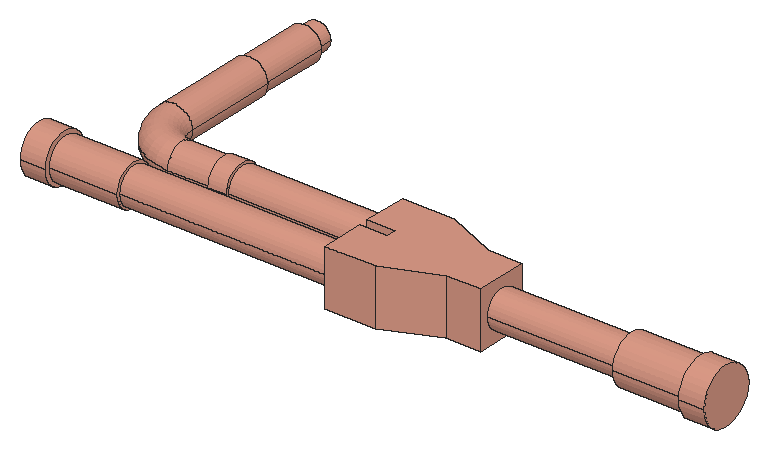
Revit family "outputfile", category 配管付属品, Revit 2024
Family settings
  丸型コネクタ寸法 = 半径を使用
  パーツ タイプ = 標準
  OmniClass 番号 = 23.65.55.00
  OmniClass タイトル = Distribution of Supplied Liquids/Gases
  作業面ベース = いいえ
  常に垂直 = はい
  ロード時にボイドで切り取り = いいえ
  共有 = いいえ
Parameters (values of type "BHFP26P136_(1)")
  Description = ""
  製造元 = "Daikin"
  書き出し IFC クラス(タイプ) = "IfcPipeFittingType"
  Default Elevation = 0.0 mm
  定義済み IFC タイプ(タイプ) = "JUNCTION"
  Cost = 0
  モデル = "BHFP26P136_(1)"
  Type Comments = ""
  Keynote = ""
  Type Image = (empty or 0)
  Assembly Code = ""
  table_PipeToCU_B [instance] = if(mm⇔inch, "Multi Module Kit_BHFP26P-_Liquid_PipeToCU_B", "Multi Module Kit_BHFP26P-_Liquid_PipeToCU_B_inch")  # "Multi Module Kit_BHFP26P-_Liquid_PipeToCU_B"
  table_PipeToCU_A [instance] = if(mm⇔inch, "Multi Module Kit_BHFP26P-_Liquid_PipeToCU_A", "Multi Module Kit_BHFP26P-_Liquid_PipeToCU_A_inch")  # "Multi Module Kit_BHFP26P-_Liquid_PipeToCU_A"
  table_ToMainPipe [instance] = if(mm⇔inch, "Multi Module Kit_BHFP26P-_Liquid_ToMainPipe", "Multi Module Kit_BHFP26P-_Liquid_ToMainPipe_inch")  # "Multi Module Kit_BHFP26P-_Liquid_ToMainPipe"
  switch_ToMainPipe3 [instance] = if(number_ToMainPipe < 3, 1 = 0, 1 = 1)  # no
  switch_PipeToCU_B Reducer [instance] = if(and(Is_PipeToCU_B Reducer = 1, judge_IsOffsetPipe_ToOutdoorUnitB = 0), 1 = 1, 1 = 0)  # no
  switch_PipeToCU_B4 [instance] = if(number_PipeToCU_B < 4, 1 = 0, 1 = 1)  # no
  switch_PipeToCU_B3 [instance] = if(number_PipeToCU_B < 3, 1 = 0, 1 = 1)  # no
  switch_PipeToCU_B2 [instance] = if(number_PipeToCU_B < 2, 1 = 0, 1 = 1)  # yes
  switch_PipeToCU_A Reducer [instance] = if(Is_PipeToCU_A Reducer = 1, 1 = 1, 1 = 0)  # yes
  switch_ToMainPipe Reducer [instance] = if(Is_ToMainPipe Reducer = 1, 1 = 1, 1 = 0)  # no
  switch_ToMainPipe2 [instance] = if(number_ToMainPipe < 2, 1 = 0, 1 = 1)  # yes
  r_PipeToCU_B_ActualDiameter [instance] = PipeToCU_B_Liquid_ActualDiameter / 2  # 9.55 mm
  r_PipeToCU_A_ActualDiameter [instance] = PipeToCU_A_Liquid_ActualDiameter / 2  # 4.75 mm
  r_ToMainPipe_ActualDiameter [instance] = ToMainPipe_Liquid_ActualDiameter / 2  # 11.1 mm
  number_PipeToCU_B ReducerPipe [instance] = size_lookup(table_PipeToCU_B, "reducerPipeNumber", 0, モデル, judge_IsOffsetPipe_ToOutdoorUnitB, PipeToCU_B_Liquid_ActualDiameter)  # 0
  number_PipeToCU_B [instance] = size_lookup(table_PipeToCU_B, "pipeNumber", 2, モデル, judge_IsOffsetPipe_ToOutdoorUnitB, PipeToCU_B_Liquid_ActualDiameter)  # 2
  number_PipeToCU_A ReducerPipe [instance] = size_lookup(table_PipeToCU_A, "reducerPipeNumber", 3, モデル, PipeToCU_A_Liquid_ActualDiameter)  # 3
  number_ToMainPipe [instance] = size_lookup(table_ToMainPipe, "pipeNumber", 3, モデル, ToMainPipe_Liquid_ActualDiameter)  # 2
  mm⇔inch [instance] = yes
  l_ToMainPipe3 [instance] = size_lookup(table_ToMainPipe, "L_Pipe3", 11.0 mm, モデル)  # 2.0 mm
  judge_IsOffsetPipe_ToOutdoorUnitB [instance] = 0  # constant formula
  Unit Type = "BHFP26P-_Liquid"
  Uniclass2015Version = "Products v1.31"
  Uniclass2015Title = "Copper pipe fittings"
  Uniclass2015Code = "Pr_65_52_63_18"
  URL = ""
  ToMainPipe_Liquid_Status [instance] = size_lookup(table_ToMainPipe, "Information", "The connected pipe size is not available.", モデル, ToMainPipe_Liquid_ActualDiameter)  # "Default connector size is used."
  ToMainPipe_Liquid_ActualDiameter [instance] = 22.2 mm
  Tag No. [instance] = ""
  Series = "Multi Module kit"
  RotateBranchPipetoCU_A_50° [instance] = no
  PipeToCU_B_Liquid_Status [instance] = size_lookup(table_PipeToCU_B, "Information", "The connected pipe size is not available.", モデル, judge_IsOffsetPipe_ToOutdoorUnitB, PipeToCU_B_Liquid_ActualDiameter)  # "Default connector size is used."
  PipeToCU_B_Liquid_ActualDiameter [instance] = 19.1 mm
  PipeToCU_A_Liquid_Status [instance] = size_lookup(table_PipeToCU_A, "Information", "The connected pipe size is not available.", モデル, PipeToCU_A_Liquid_ActualDiameter)  # "Reducer is used at connector."
  PipeToCU_A_Liquid_ActualDiameter [instance] = 9.5 mm
  Material_Piping = DAIKIN_Copper_Pipe
  Material_Insulation = DAIKIN_White_Insulation
  location_PipeToCU_A connector [instance] = size_lookup(table_PipeToCU_A, "Locationconnector", 107.0 mm, モデル, PipeToCU_A_Liquid_ActualDiameter)  # 107.0 mm
  l_PipeToCU_B connector [instance] = size_lookup(table_PipeToCU_B, "Length", 128.0 mm, モデル, judge_IsOffsetPipe_ToOutdoorUnitB, PipeToCU_B_Liquid_ActualDiameter)  # 132.0 mm
  l_PipeToCU_B Reducer [instance] = 100.0 mm  # constant formula
  l_PipeToCU_B4 [instance] = size_lookup(table_PipeToCU_B, "L_Pipe4", 2.0 mm, モデル)  # 2.0 mm
  l_PipeToCU_B3 [instance] = size_lookup(table_PipeToCU_B, "L_Pipe3", 2.0 mm, モデル)  # 2.0 mm
  l_PipeToCU_B2 [instance] = size_lookup(table_PipeToCU_B, "L_Pipe2", 7.0 mm, モデル)  # 11.0 mm
  l_PipeToCU_B1 [instance] = size_lookup(table_PipeToCU_B, "L_Pipe1", 30.0 mm, モデル)  # 30.0 mm
  l_PipeToCU_B0 [instance] = size_lookup(table_PipeToCU_B, "L_Pipe0", 91.0 mm, モデル)  # 91.0 mm
  l_PipeToCU_A connector [instance] = size_lookup(table_PipeToCU_A, "Length", 97.0 mm, モデル, PipeToCU_A_Liquid_ActualDiameter)  # 97.0 mm
  l_PipeToCU_A1 [instance] = size_lookup(table_PipeToCU_A, "L_Pipe1", 8.0 mm, モデル)  # 8.0 mm
  l_PipeToCU_A0 [instance] = size_lookup(table_PipeToCU_A, "L_Pipe0", 62.0 mm, モデル)  # 62.0 mm
  l_ToMainPipe connector [instance] = size_lookup(table_ToMainPipe, "Length", 128.0 mm, モデル, ToMainPipe_Liquid_ActualDiameter)  # 98.0 mm
  l_ToMainPipe Reducer [instance] = size_lookup(table_ToMainPipe, "L_Reducer", 2.0 mm, モデル, ToMainPipe_Liquid_ActualDiameter)  # 2.0 mm
  l_ToMainPipe2 [instance] = size_lookup(table_ToMainPipe, "L_Pipe2", 30.0 mm, モデル)  # 11.0 mm
  l_ToMainPipe1 [instance] = size_lookup(table_ToMainPipe, "L_Pipe1", 30.0 mm, モデル)  # 30.0 mm
  l_ToMainPipe0 [instance] = size_lookup(table_ToMainPipe, "L_Pipe0", 57.0 mm, モデル)  # 57.0 mm
  judge_JointType(1or2) = 1
  count_PipeToCU_B Reducer [instance] = 0  # constant formula
  count_PipeToCU_A Reducer [instance] = size_lookup(table_PipeToCU_A, "reducerCount", 1, モデル, PipeToCU_A_Liquid_ActualDiameter)  # 1
  angle_PipeToCU_A Pipe [instance] = if(RotateBranchPipetoCU_A_90°, 90.00°, if(RotateBranchPipetoCU_A_50°, 50.00°, 0.00°))  # 0.00°
  angle_PipeToCU_A Connector [instance] = angle_PipeToCU_A Pipe + 90.00°  # 90.00°
  PipeToCU_B_Liquid_AvailableDiameter [instance] = size_lookup(table_PipeToCU_B, "sizeVariation", "", モデル, judge_IsOffsetPipe_ToOutdoorUnitB)  # "15.9/19.1mm"
  PipeToCU_A_Liquid_AvailableDiameter [instance] = size_lookup(table_PipeToCU_A, "sizeVariation", "", モデル)  # "9.5/12.7/15.9mm"
  ToMainPipe_Liquid_AvailableDiameter [instance] = size_lookup(table_ToMainPipe, "sizeVariation", "", モデル)  # "19.1/22.2mm"
  RotateBranchPipetoCU_A_90° [instance] = no
  O.D_ToMainPipe Reducer [instance] = size_lookup(table_ToMainPipe, "O.D_reducer", 2.0 mm, モデル, ToMainPipe_Liquid_ActualDiameter)  # 2.0 mm
  Link_Nested Family [instance] = ""
  Is_PipeToCU_B Reducer [instance] = size_lookup(table_PipeToCU_B, "IsReducer", 0, モデル, judge_IsOffsetPipe_ToOutdoorUnitB, PipeToCU_B_Liquid_ActualDiameter)  # 0
  Is_PipeToCU_A Reducer [instance] = size_lookup(table_PipeToCU_A, "IsReducer", 1, モデル, PipeToCU_A_Liquid_ActualDiameter)  # 1
  Is_ToMainPipe Reducer [instance] = size_lookup(table_ToMainPipe, "IsReducer", 0, モデル, ToMainPipe_Liquid_ActualDiameter)  # 0
  IfcVersion = ""
  IfcExportType = "JUNCTION"
  IfcExportAs = "IfcPipeFittingType"
  I.D_ToMainPipe3 [instance] = size_lookup(table_ToMainPipe, "I.D_PipeSize3", 22.2 mm, モデル)  # 2.0 mm
  Attach_Insulation [instance] = no
  I.D_PipeToCU_B4 [instance] = size_lookup(table_PipeToCU_B, "I.D_PipeSize4", 2.0 mm, モデル)  # 2.0 mm
  I.D_PipeToCU_B3 [instance] = size_lookup(table_PipeToCU_B, "I.D_PipeSize3", 2.0 mm, モデル)  # 2.0 mm
  I.D_PipeToCU_B2 [instance] = size_lookup(table_PipeToCU_B, "I.D_PipeSize2", 9.5 mm, モデル)  # 19.1 mm
  I.D_PipeToCU_B1 [instance] = size_lookup(table_PipeToCU_B, "I.D_PipeSize1", 12.7 mm, モデル)  # 15.9 mm
  I.D_PipeToCU_B0 [instance] = size_lookup(table_PipeToCU_B, "I.D_PipeSize0", 13.9 mm, モデル)  # 13.9 mm
  I.D_PipeToCU_A1 [instance] = 15.5 mm  # constant formula
  I.D_PipeToCU_A0 [instance] = 13.9 mm  # constant formula
  I.D_ToMainPipe Reducer [instance] = size_lookup(table_ToMainPipe, "I.D_reducer", 2.0 mm, モデル, ToMainPipe_Liquid_ActualDiameter)  # 2.0 mm
  I.D_ToMainPipe2 [instance] = size_lookup(table_ToMainPipe, "I.D_PipeSize2", 19.1 mm, モデル)  # 22.2 mm
  I.D_ToMainPipe1 [instance] = size_lookup(table_ToMainPipe, "I.D_PipeSize1", 15.9 mm, モデル)  # 19.1 mm
  I.D_ToMainPipe0 [instance] = size_lookup(table_ToMainPipe, "I.D_PipeSize0", 13.9 mm, モデル)  # 13.9 mm
Reference planes
  plane 1 "Center (Front/Back)": y = 0
  plane 2: z = 0
  plane 3 "pipe2": x = 225.65
  plane 4: x = 214.65
  plane 5: x = 184.65
  plane 6: x = 127.65
  plane 7: x = 67.65
  plane 8: x = -2.35
  plane 9: x = -23.35
  plane 10: x = -53.35
  plane 11: x = -64.35
  plane 12: x = -66.35
  plane 13: x = -68.35
  plane 14 "offset_center": y = 11.5
  plane 15: y = -11.5
  plane 16: x = 5.65
  plane 17: x = 177.65
  plane 18 "ToMainPipe_connector": x = 225.65
  plane 19 "connector_OutdoorunitA": x = -39.35
  plane 20 "connector_ToOutdoorUnitB": x = -104.35
  plane 21 "pipe3": x = 227.65
Forms (mm)
  Extrusion 1, solid, material "DAIKIN_Copper_Pipe" <- "Material_Piping"
    sketch origin (0, 0, 0) x (1, 0, 0) y (0, 1, 0)
      loop
        line (67.65, 1.998) -> (79.65, 1.998) -> (79.65, -1.998) -> (67.65, -1.998) -> (67.65, -21.2) -> (89.801, -21.2) -> (112.65, -11.3) -> (127.65, -11.3) -> (127.65, 11.3) -> (112.65, 11.3) -> (89.801, 21.2) -> (67.65, 21.2) -> (67.65, 1.998)
    from -12.2 to 12.2
Dimensions and locks
  locked: plane 6 to plane 17 at 50
  "l_PipeToCU_A1": plane 8 to plane 16
  "l_PipeToCU_B1": plane 10 to plane 9
  "l_PipeToCU_B2": plane 11 to plane 10
  "l_PipeToCU_B3": plane 12 to plane 11
  "l_PipeToCU_B4": plane 13 to plane 12
  locked: plane 7 to plane 6 at 60
  "l_ToMainPipe1": plane 5 to plane 4
  "l_ToMainPipe2": plane 4 to plane 3 "pipe2"
  "l_ToMainPipe0": plane 6 to plane 5
  "l_ToMainPipe connector": plane 6 to plane 18 "ToMainPipe_connector"
  plane 14 "offset_center" to plane 1 "Center (Front/Back)" to plane 15 = 11.5 mm locked, 11.5 mm locked
  locked: plane 1 "Center (Front/Back)" to Extrusion 1 sketch curve at 11.3  (x2)
  locked: Extrusion 1 sketch curve to plane 1 "Center (Front/Back)" at 21.2
  locked: plane 1 "Center (Front/Back)" to Extrusion 1 sketch curve at 21.2
  "l_PipeToCU_A0": plane 16 to plane 7
  "location_PipeToCU_A connector": plane 19 "connector_OutdoorunitA" to plane 7
  "l_PipeToCU_B0": plane 9 to plane 7
  "l_ToMainPipe3": plane 3 "pipe2" to plane 21 "pipe3"
  aligned and locked: level to plane 2
  aligned and locked: plane 2 to nested 1
  aligned and locked: plane 1 "Center (Front/Back)" to nested 1
  aligned and locked: plane 3 "pipe2" to nested 1
  aligned and locked: plane 4 to nested 1
  aligned and locked: plane 4 to nested 2
  aligned and locked: plane 5 to nested 2
  aligned and locked: plane 5 to nested 3
  aligned and locked: plane 6 to nested 3
  aligned and locked: plane 6 to Extrusion 1
  aligned and locked: Extrusion 1 to plane 7  (x2)
  aligned and locked: plane 7 to nested 4
  aligned and locked: plane 8 to nested 5
  aligned and locked: plane 16 to nested 5
  aligned and locked: nested 5 to plane 14 "offset_center"
  aligned and locked: nested 6 to plane 15
  aligned and locked: plane 7 to nested 6
  aligned and locked: plane 9 to nested 6
  aligned and locked: plane 10 to nested 7
  aligned and locked: plane 9 to nested 7
  aligned and locked: plane 11 to nested 8
  aligned and locked: plane 10 to nested 8
  aligned and locked: plane 12 to nested 9
  aligned and locked: plane 11 to nested 9
  aligned and locked: plane 13 to nested 10
  aligned and locked: plane 12 to nested 10
  aligned and locked: nested 10 to plane 15
  aligned and locked: nested 9 to plane 15
  aligned and locked: nested 8 to plane 15
  aligned and locked: nested 7 to plane 15
  aligned and locked: plane 1 "Center (Front/Back)" to nested 11
  aligned and locked: plane 17 to nested 11
  aligned and locked: plane 16 to nested 4
  aligned and locked: nested 12 to plane 14 "offset_center"
  aligned and locked: plane 8 to nested 12
  aligned and locked: plane 1 "Center (Front/Back)" to nested 13
  aligned and locked: plane 18 "ToMainPipe_connector" to nested 13
  aligned and locked: plane 6 to nested 14
  aligned and locked: plane 1 "Center (Front/Back)" to nested 3
  aligned and locked: plane 14 "offset_center" to nested 15
  aligned and locked: nested 15 to plane 19 "connector_OutdoorunitA"
  aligned and locked: nested 16 to plane 7
  aligned and locked: nested 4 to plane 14 "offset_center"
  aligned and locked: plane 3 "pipe2" to nested 17
  aligned and locked: plane 21 "pipe3" to nested 17
  aligned and locked: nested 16 to plane 15
Automatic sketch dimensions
  Extrusion 1 sketch curve to plane 7 = 0.0 mm  (x2)
  Extrusion 1 sketch curve to plane 6 = 0.0 mm
  Extrusion 1 sketch curve to plane 1 "Center (Front/Back)" = 1.998 mm
  plane 7 to Extrusion 1 sketch curve = 12.0 mm
  Extrusion 1 sketch curve to Extrusion 1 sketch curve = 10.151 mm  (x2)
  Extrusion 1 sketch curve to Extrusion 1 sketch curve = 15.0 mm  (x2)
  plane 1 "Center (Front/Back)" to Extrusion 1 sketch curve = 1.998 mm
Nested families
  nested 1: "daikin_Pipe" at (220.15, 0, 0), I.D_Pipe <- "I.D_ToMainPipe2", display <- "switch_ToMainPipe2", type "*"
    with length_Pipe 11.0 mm, display yes, O.D_Pipe 24.2 mm, I.D_Pipe 22.2 mm
  nested 2: "daikin_Pipe" at (199.65, 0, 0), I.D_Pipe <- "I.D_ToMainPipe1", type "*"
    with length_Pipe 30.0 mm, display yes, O.D_Pipe 21.1 mm, I.D_Pipe 19.1 mm
  nested 3: "daikin_Pipe" at (156.15, 0, 0), I.D_Pipe <- "I.D_ToMainPipe0", type "*"
    with length_Pipe 57.0 mm, display yes, O.D_Pipe 15.9 mm, I.D_Pipe 13.9 mm
  nested 4: "daikin_Pipe" at (36.65, 11.5, 0), I.D_Pipe <- "I.D_PipeToCU_A0", type "*"
    with length_Pipe 62.0 mm, display yes, O.D_Pipe 15.9 mm, I.D_Pipe 13.9 mm
  nested 5: "daikin_Pipe" at (1.65, 11.5, 0), I.D_Pipe <- "I.D_PipeToCU_A1", type "*"
    with length_Pipe 8.0 mm, display yes, O.D_Pipe 17.5 mm, I.D_Pipe 15.5 mm
  nested 6: "daikin_Pipe" at (22.15, -11.5, 0), I.D_Pipe <- "I.D_PipeToCU_B0", type "*"
    with length_Pipe 91.0 mm, display yes, O.D_Pipe 15.9 mm, I.D_Pipe 13.9 mm
  nested 7: "daikin_Pipe" at (-38.35, -11.5, 0), I.D_Pipe <- "I.D_PipeToCU_B1", type "*"
    with length_Pipe 30.0 mm, display yes, O.D_Pipe 17.9 mm, I.D_Pipe 15.9 mm
  nested 8: "daikin_Pipe" at (-58.85, -11.5, 0), I.D_Pipe <- "I.D_PipeToCU_B2", display <- "switch_PipeToCU_B2", type "*"
    with length_Pipe 11.0 mm, display yes, O.D_Pipe 21.1 mm, I.D_Pipe 19.1 mm
  nested 9: "daikin_Pipe" at (-65.35, -11.5, 0), display <- "switch_PipeToCU_B3", I.D_Pipe <- "I.D_PipeToCU_B3", visible <- "switch_PipeToCU_B3", type "*"
    with length_Pipe 2.0 mm, display no, O.D_Pipe 4.0 mm, I.D_Pipe 2.0 mm
  nested 10: "daikin_Pipe" at (-67.35, -11.5, 0), display <- "switch_PipeToCU_B4", I.D_Pipe <- "I.D_PipeToCU_B4", visible <- "switch_PipeToCU_B4", type "*"
    with length_Pipe 2.0 mm, display no, O.D_Pipe 4.0 mm, I.D_Pipe 2.0 mm
  nested 11: "daikin_MultiModeluKit_Insulation" at (177.65, 0, 0), display <- "Attach_Insulation", type "*"
    with h 54.2 mm, display no, I.D_Outlet PipeSize 22.2 mm
  nested 12: "daikin_Multi Module kit_Reducer90_rotate" at (-2.35, 11.5, 0), number_reducerPipe <- "number_PipeToCU_A ReducerPipe", angle_Pipe <- "angle_PipeToCU_A Pipe", type "*"
    with number_reducerPipe 3, display_Pipe2 yes, display_Pipe1 yes, angle_Pipe 0.00°
  nested 13: "daikin_Pipe_reducer" at (224.65, 0, 0), I.D_Pipe1 <- "I.D_ToMainPipe Reducer", O.D_Pipe2 <- "O.D_ToMainPipe Reducer", length_Pipe <- "l_ToMainPipe Reducer", display <- "switch_ToMainPipe Reducer", type "*"
    with length_Pipe 2.0 mm, display no, O.D_Pipe2 2.0 mm, O.D_Pipe1 4.0 mm, I.D_Pipe2 0.0 mm, I.D_Pipe1 2.0 mm
  nested 14: "daikin_connector_rotate3" at (127.65, 0, 0) x (0, 1, 0) z (0, 0, 1), length <- "l_ToMainPipe connector", type "daikin_connector_rotate3"
    with radius 10.0 mm, length 98.0 mm, angle_vertical 90.00°, angle_horizontal 0.00°
  nested 15: "daikin_connector_rotate3" at (-39.35, 11.5, 0) x (-1, 0, 0) z (0, 0, 1), length <- "l_PipeToCU_A connector", angle_vertical <- "angle_PipeToCU_A Connector", type "daikin_connector_rotate3"
    with radius 10.0 mm, length 97.0 mm, angle_vertical 90.00°, angle_horizontal 0.00°
  nested 16: "daikin_connector_rotate3" at (67.65, -11.5, 0) x (0, -1, 0) z (0, 0, 1), length <- "l_PipeToCU_B connector", type "daikin_connector_rotate3"
    with radius 10.0 mm, length 132.0 mm, angle_vertical 90.00°, angle_horizontal 0.00°
  nested 17: "daikin_Pipe" at (226.65, 0, 0), display <- "switch_ToMainPipe3", I.D_Pipe <- "I.D_ToMainPipe3", type "*"
    with length_Pipe 2.0 mm, display no, O.D_Pipe 4.0 mm, I.D_Pipe 2.0 mm
Connectors
  piping at (225.65, 0, 0), diameter 22.2, driven by "r_ToMainPipe_ActualDiameter"
    settings: on nested 14, index 1, connector inside diameter 609.6 mm, connector length 0.0 mm, flow factor 0, pipe flow 0.00 m³/h, pressure drop 0.0 Pa, fitting loss kfactor 0, connector angle 0.00°, fixture units 0, engagement length 0.0 mm, angle of deflection 0.00°, flow configuration 0, flow direction 2, fitting loss method 0, system type 29, joint type 0, gender type 0, connector reference index -1, connector utility 0, adjustable connector no, is connector primary yes, connector description "Multi Module kit_to Main Pipe_Liquid"
  piping at (-39.35, 108.5, 0), diameter 9.5, driven by "r_PipeToCU_A_ActualDiameter"
    settings: on nested 15, index 2, connector inside diameter 609.6 mm, connector length 0.0 mm, flow factor 0, pipe flow 0.00 m³/h, pressure drop 0.0 Pa, fitting loss kfactor 0, connector angle 0.00°, fixture units 0, engagement length 0.0 mm, angle of deflection 0.00°, flow configuration 0, flow direction 1, fitting loss method 0, system type 29, joint type 0, gender type 0, connector reference index -1, connector utility 0, adjustable connector no, is connector primary no, connector description "Multi Module kit_Piping to CU-A_Liquid"
  piping at (-64.35, -11.5, 0), diameter 19.1, driven by "r_PipeToCU_B_ActualDiameter"
    settings: on nested 16, index 3, connector inside diameter 609.6 mm, connector length 0.0 mm, flow factor 0, pipe flow 0.00 m³/h, pressure drop 0.0 Pa, fitting loss kfactor 0, connector angle 0.00°, fixture units 0, engagement length 0.0 mm, angle of deflection 0.00°, flow configuration 0, flow direction 1, fitting loss method 0, system type 29, joint type 0, gender type 0, connector reference index -1, connector utility 0, adjustable connector no, is connector primary no, connector description "Multi Module kit_Piping to CU-B_Liquid"
Definition of nested family "daikin_Pipe"
  Parameters (values of type "*")
    Default Elevation = 0.0 mm
    material = none
    length_Pipe [instance] = 150.0 mm
    display [instance] = yes
    O.D_Pipe [instance] = I.D_Pipe + 2.0 mm  # 27.0 mm
    I.D_Pipe [instance] = 25.0 mm
  Reference planes
    plane 1 "Center (Front/Back)": y = 0
    plane 2 "center(vertical)": z = 0
    plane 3 "Center (Left/Right)": x = 0
    plane 4 "left": x = -75
    plane 5 "right": x = 75
  Forms (mm)
    Extrusion 1, solid, material <- "material", visible <- "display"
      sketch origin (0, 0, 0) x (0, 1, 0) y (0, 0, 1)
        loop
          circle (0, 0) r 13.5
      from -75 to 75
  Dimensions and locks
    equal spacing: plane 4 "left", plane 3 "Center (Left/Right)", plane 5 "right"
    "length_Pipe": plane 4 "left" to plane 5 "right"
    "O.D_Pipe": diameter of Extrusion 1 sketch curve
    aligned and locked: level to plane 2 "center(vertical)"
    aligned and locked: plane 2 "center(vertical)" to Extrusion 1 sketch curve
    aligned and locked: plane 1 "Center (Front/Back)" to Extrusion 1 sketch curve
    aligned and locked: plane 5 "right" to Extrusion 1
    aligned and locked: Extrusion 1 to plane 4 "left"
Definition of nested family "daikin_Multi Module kit_Reducer90_rotate"
  Parameters (values of type "*")
    Default Elevation = 0.0 mm
    number_reducerPipe [instance] = 4
    material_Pipe = none
    display_Pipe2 [instance] = if(number_reducerPipe < 3, 1 = 0, 1 = 1)  # yes
    display_Pipe1 [instance] = if(number_reducerPipe < 2, 1 = 0, 1 = 1)  # yes
    angle_Pipe [instance] = 30.00°
  Reference planes
    plane 1 "Center (Front/Back)": y = 0
    plane 2: z = 0
    plane 3 "Center (Left/Right)": x = 0
  Dimensions and locks
    "angle_Pipe": angle plane 2 to nested 1
    aligned and locked: level to plane 2
  Nested families
    nested 1: "daikin_Multi Module kit_Reducer90" at (0, 0, 0) x (1, 0, 0) z (0, -0.5, 0.866), display_Pipe2 <- "display_Pipe2", display_Pipe1 <- "display_Pipe1", type "*"
      with display_Pipe2 yes, display_Pipe1 yes, I.D_connector 34.9 mm
  Definition of nested family "daikin_Multi Module kit_Reducer90"
    Parameters (values of type "*")
      Default Elevation = 0.0 mm
      material_Pipe = none
      display_Pipe2 [instance] = yes
      display_Pipe1 [instance] = yes
      O.D_Pipe2 = 9.5 mm + 2.0 mm  # 11.5 mm
      O.D_Pipe1 = 12.7 mm + 2.0 mm  # 14.7 mm
      O.D_Pipe0 = 15.9 mm  # constant formula
      I.D_connector [instance] = 0.0 mm
    Reference planes
      plane 1 "Center (Front/Back)": y = 0
      plane 2 "center_vertical": z = 0
      plane 3 "Center (Left/Right)": x = 0
      plane 4 "center_toOutdoor": x = -37
      plane 5: y = 60
      plane 6: y = 90
      plane 7: y = 97
    Forms (mm)
      Sweep 1, solid, material <- "material_Pipe"
        path origin (0, 0, 0) x (1, 0, 0) y (0, 1, 0)
          loop
            line (0, 0) -> (-18.241, 0)
            arc (-18.241, 0) -> (-31.506, 5.494) -> (-37, 18.759) r 18.759
            line (-37, 18.759) -> (-37, 60)
        profile origin (-9.12, 0, 0) x (0, -1, 0) y (0, 0, 1)
          loop
            circle (0, 0) r 7.95
      Extrusion 2, solid, material <- "material_Pipe", visible <- "display_Pipe1"
        sketch origin (0, 0, 0) x (1, 0, 0) y (0, 0, 1)
          loop
            circle (-37, 0) r 7.35
        from -90 to -60
      Extrusion 3, solid, material <- "material_Pipe", visible <- "display_Pipe2"
        sketch origin (75, -2.05, 0) x (1, 0, 0) y (0, 0, 1)
          loop
            circle (-112, 0) r 5.75
        from -99.05 to -92.05
    Lines and regions (mm)
      reference lines
        curve 1: line (0, 0, 0) -> (-37, 0, 0)
    Dimensions and locks
      plane 1 "Center (Front/Back)" to plane 5 = 60.0 mm
      plane 6 to plane 5 = 30.0 mm
      plane 7 to plane 6 = 7.0 mm
      plane 4 "center_toOutdoor" to plane 3 "Center (Left/Right)" = 37.0 mm
      "O.D_Pipe2": diameter of Extrusion 3 sketch curve
      "O.D_Pipe0": diameter of Sweep 1 sketch curve
      "O.D_Pipe1": diameter of Extrusion 2 sketch curve
      aligned and locked: level to plane 2 "center_vertical"
      aligned and locked: plane 6 to Extrusion 2
      aligned and locked: Extrusion 2 to plane 5
      aligned and locked: Extrusion 3 to plane 6
      aligned and locked: Sweep 1 sketch curve to plane 1 "Center (Front/Back)"
      aligned and locked: plane 3 "Center (Left/Right)" to curve 1
      aligned and locked: curve 1 to plane 1 "Center (Front/Back)"
      aligned and locked: plane 7 to Extrusion 3
    Automatic sketch dimensions
      Sweep 1 sketch curve to plane 4 "center_toOutdoor" = 0.0 mm
      Sweep 1 sketch curve to plane 3 "Center (Left/Right)" = 0.0 mm
      Sweep 1 sketch curve to plane 5 = 0.0 mm
      Sweep 1 sketch curve to plane 3 "Center (Left/Right)" = 18.241 mm
      curve 1 to plane 4 "center_toOutdoor" = 0.0 mm
      Sweep 1 sketch curve to level = 0.0 mm
      Sweep 1 sketch curve to profile plane = 0.0 mm
      Extrusion 2 sketch curve to level = 0.0 mm
      Extrusion 2 sketch curve to plane 4 "center_toOutdoor" = 0.0 mm
      Extrusion 3 sketch curve to level = 0.0 mm
      Extrusion 3 sketch curve to plane 4 "center_toOutdoor" = 0.0 mm
Definition of nested family "daikin_MultiModeluKit_Insulation"
  Parameters (values of type "*")
    Default Elevation = 0.0 mm
    Model = ""
    material = none
    h [instance] = (I.D_Outlet PipeSize + 2.0 mm) + 30.0 mm  # 47.0 mm
    display [instance] = yes
    I.D_Outlet PipeSize [instance] = 15.0 mm
  Reference planes
    plane 1 "Center (Front/Back)": y = 0
    plane 2: z = 0
    plane 3 "Left": x = 0
    plane 4 "top": z = 23.5
    plane 5 "bottom": z = -23.5
  Forms (mm)
    Extrusion 1, solid, material <- "material", visible <- "display"
      sketch origin (0, 0, 0) x (1, 0, 0) y (0, 1, 0)
        loop
          line (0, -22.3) -> (0, 22.3) -> (-101, 45.79) -> (-187, 45.79) -> (-187, 6.128) -> (-257, 10) -> (-257, -45.79) -> (-101, -45.79) -> (0, -22.3)
      from -23.5 to 23.5
  Dimensions and locks
    equal spacing: plane 4 "top", plane 2, plane 5 "bottom"
    "h": plane 4 "top" to plane 5 "bottom"
    equal spacing: Extrusion 1 sketch curve, plane 1 "Center (Front/Back)", Extrusion 1 sketch curve
    locked: Extrusion 1 sketch curve to plane 3 "Left" at 101  (x2)
    locked: Extrusion 1 sketch curve to plane 3 "Left" at 187
    locked: Extrusion 1 sketch curve to plane 3 "Left" at 257
    aligned and locked: level to plane 2
    aligned and locked: plane 3 "Left" to Extrusion 1
    aligned and locked: Extrusion 1 to plane 5 "bottom"
    aligned and locked: plane 4 "top" to Extrusion 1
  Automatic sketch dimensions
    Extrusion 1 sketch curve to plane 3 "Left" = 0.0 mm
    plane 1 "Center (Front/Back)" to Extrusion 1 sketch curve = 45.79 mm
    plane 1 "Center (Front/Back)" to Extrusion 1 sketch curve = 22.3 mm
    Extrusion 1 sketch curve to plane 1 "Center (Front/Back)" = 45.79 mm
    Extrusion 1 sketch curve to plane 1 "Center (Front/Back)" = 10.0 mm
    Extrusion 1 sketch curve to plane 1 "Center (Front/Back)" = 6.128 mm
Definition of nested family "daikin_Pipe_reducer"
  Parameters (values of type "*")
    Default Elevation = 0.0 mm
    material = none
    length_Pipe [instance] = 250.0 mm
    display [instance] = yes
    O.D_Pipe2 [instance] = 19.1 mm
    O.D_Pipe1 [instance] = I.D_Pipe1 + 2.0 mm  # 24.2 mm
    I.D_Pipe2 [instance] = O.D_Pipe2 - 2.0 mm  # 17.1 mm
    I.D_Pipe1 [instance] = 22.2 mm
  Reference planes
    plane 1 "Center (Front/Back)": y = 0
    plane 2 "center(vertical)": z = 0
    plane 3 "Center (Left/Right)": x = 0
    plane 4 "connection": x = -125
    plane 5 "right": x = 113
    plane 6: x = 125
  Forms (mm)
    Extrusion 1, solid, material <- "material", visible <- "display"
      sketch origin (0, 0, 0) x (0, 1, 0) y (0, 0, 1)
        loop
          circle (0, 0) r 9.55
      from -125 to 113
    Extrusion 2, solid, material <- "material", visible <- "display"
      sketch origin (0, 0, 0) x (0, 1, 0) y (0, 0, 1)
        loop
          circle (0, 0) r 12.1
      from 113 to 125
  Dimensions and locks
    locked: plane 5 "right" to plane 6 at 12
    "length_Pipe": plane 4 "connection" to plane 6
    equal spacing: plane 4 "connection", plane 3 "Center (Left/Right)", plane 6
    "O.D_Pipe2": diameter of Extrusion 1 sketch curve
    "O.D_Pipe1": diameter of Extrusion 2 sketch curve
    aligned and locked: level to plane 2 "center(vertical)"
    aligned and locked: plane 2 "center(vertical)" to Extrusion 1 sketch curve
    aligned and locked: plane 1 "Center (Front/Back)" to Extrusion 1 sketch curve
    aligned and locked: plane 5 "right" to Extrusion 1
    aligned and locked: Extrusion 1 to plane 4 "connection"
    aligned and locked: plane 2 "center(vertical)" to Extrusion 2 sketch curve
    aligned and locked: plane 1 "Center (Front/Back)" to Extrusion 2 sketch curve
    aligned and locked: Extrusion 2 to plane 5 "right"
    aligned and locked: plane 6 to Extrusion 2
Definition of nested family "daikin_connector_rotate3"
  Parameters (values of type "daikin_connector_rotate3")
    Default Elevation = 1219.2 mm
    show_face = no
    show_circle = no
    radius [instance] = 10.0 mm
    length [instance] = 600.0 mm
    angle_horizontal [instance] = 60.00°
    angle_vertical [instance] = 90.00°
  Reference planes
    plane 1 "Center (Front/Back)": y = 0
    plane 2: z = 0
    plane 3 "Center (Left/Right)": x = 0
  Dimensions and locks
    "angle_horizontal": angle plane 3 "Center (Left/Right)" to nested 1
    aligned and locked: level to plane 2
    aligned and locked: plane 1 "Center (Front/Back)" to nested 1  (x2)
    aligned and locked: plane 3 "Center (Left/Right)" to nested 1
  Nested families
    nested 1: "daikin_connector_rotate2" at (0, 0, 0) x (0.5, 0.866, 0) z (0, 0, 1), angle_vertical <- "angle_vertical", length <- "length", radius <- "radius", type "daikin_connector_rotate2"
      with radius 10.0 mm, length 600.0 mm, angle_vertical 90.00°, Default Elevation 0.0 mm, show_circle no
  Definition of nested family "daikin_connector_rotate2"
    Parameters (values of type "daikin_connector_rotate2")
      Default Elevation = 1219.2 mm
      show_face = no
      show_circle = yes
      radius [instance] = 10.0 mm
      length [instance] = 600.0 mm
      d_surface = 10.0 mm
      angle_vertical [instance] = 90.00°
    Reference planes
      plane 1 "Center (Front/Back)": y = 0
      plane 2: z = 0
      plane 3 "Center (Left/Right)": x = 0
    Forms (mm)
      Extrusion 1, solid, visible <- "show_face"
        sketch origin (0, -600, 0) x (1, 0, 0) y (0, 0, 1)
          loop
            circle (0, 0) r 10
        from 0 to -10
    Lines and regions (mm)
      reference lines
        curve 1: line (0, 0, 0) -> (0, -600, 0)
      symbolic lines, visible <- "show_circle"
        curve 2: circle (0, 0, 0) r 5 normal (0, 0, 1)
      model lines, visible <- "show_face"
        curve 3: line (0, 0, 0) -> (0, -600, 0)
    Dimensions and locks
      "length": curve 1 to curve 1
      "length": curve 3 to curve 3
      "d_surface": Extrusion 1 to Extrusion 1
      "radius": radius of Extrusion 1 sketch curve
      "angle_vertical": angle curve 1 to plane 1 "Center (Front/Back)"
      "angle_vertical": angle curve 3 to plane 1 "Center (Front/Back)"
      aligned and locked: level to plane 2
      aligned and locked: plane 1 "Center (Front/Back)" to curve 1
      aligned and locked: plane 2 to curve 1
      aligned and locked: plane 1 "Center (Front/Back)" to curve 2
      aligned and locked: plane 3 "Center (Left/Right)" to curve 2
      aligned and locked: plane 1 "Center (Front/Back)" to curve 3
      aligned and locked: plane 2 to curve 3
      aligned and locked: Extrusion 1 to Extrusion 1
    Automatic sketch dimensions
      Extrusion 1 sketch curve to level = 0.0 mm
      Extrusion 1 sketch curve to plane 3 "Center (Left/Right)" = 0.0 mm
      radius of curve 2 = 5.0 mm
